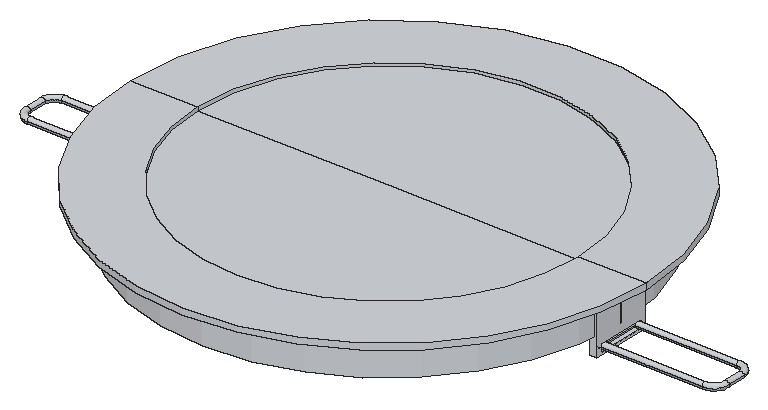
Revit family "0053941", category Lighting Fixtures, host Face, Revit 2017
Family settings
  Host = Face
  Round Connector Dimension = Use Diameter
  Part Type = Normal
  OmniClass Number = 23.80.70.00
  OmniClass Title = Lighting
  Cut with Voids When Loaded = No
  Light Source = Yes
  Shared = No
  Room Calculation Point = No
Parameters (values of type "0053941 ST E DOWNLIGHT FLT 155 IP44 1100 840 DIM")
  Weight = "3.27 kg"
  Wattage Comments = ""
  Wattage = 12 W
  WarrantyStartDate [instance] = "n/a"
  WarrantyGuarantorParts = "n/a"
  WarrantyDurationUnit = "n/a"
  WarrantyDurationParts = "n/a"
  WarrantyDescription = "n/a"
  built-in parameter 1150110 = 1 (stored number, unit not read)
  Voltage = 0 V
  URL = "http://www.sylvania-lighting.com"
  TypeName = "START eco Downlight Flat 155 IP44 1100lm 840 DIM"
  Type Image = <None>
  Type Comments = "n/a"
  built-in parameter 1114217 = 1 (stored number, unit not read)
  Tilt Angle = -90.00°
  built-in parameter 1150109 = 1 (stored number, unit not read)
  built-in parameter 1150134 = 12
  built-in parameter 1150113 = 1 (stored number, unit not read)
  SerialNumber [instance] = "n/a"
  SIZE_203_SYL = 0
  SIZE_155_SYL = 1
  R_DIFF_SYL = if(SIZE_155_SYL = 1, 63.5 mm, if(SIZE_203_SYL = 1, 86.5 mm, 40 mm))  # 63.5 mm
  R2_SYL = if(SIZE_155_SYL = 1, 77.5 mm, if(SIZE_203_SYL = 1, 101.5 mm, 52.5 mm))  # 77.5 mm
  R1_SYL = if(SIZE_155_SYL = 1, 86 mm, if(SIZE_203_SYL = 1, 113 mm, 60 mm))  # 86 mm
  Photometric Web File = "0053941.ies"
  LUM_HEIGHT_SYL = 15 mm - CHAMF_SYL  # 14 mm
  CLIP_SYL = 10 mm
  CLIP_HOLE_SYL = 2.5 mm
  CLIP_HOLE_HE_SYL = 8.5 mm
  CLIP_D_SYL = R2_SYL - 2.5 mm  # 75 mm
  CLIP_DIST_SYL = R2_SYL - 2.5 mm  # 75 mm
  CLIP_CUTOUT_SYL = 19 mm
  CHAMF_SYL = 1 mm
  Material_3_SYL = none
  PowerFactor = 0.9
  PowerConsumption = "12 W"
  NominalLength = 172 mm
  NominalHeight = 21 mm
  NominalDepth = 172 mm
  Name = "START eco Downlight Flat 155 IP44 1100lm 840 DIM"
  ModelReference = Name  # "START eco Downlight Flat 155 IP44 1100lm 840 DIM"
  ModelNumber = "0053941"
  Model = Name  # "START eco Downlight Flat 155 IP44 1100lm 840 DIM"
  Material = "aluminium housing, other diffuser"
  ManufacturerName = "Feilo Sylvania"
  Manufacturer = "Feilo Sylvania"
  LuminousEfficacy = "92 lm/W"
  built-in parameter 1150105 = 87.854 (stored number, unit not read)
  Lumens = 1104 lm
  LuminaireType = ""
  built-in parameter 1150115 = 1 (stored number, unit not read)
  LightOutputRatio = "n/a"
  built-in parameter 1150137 = (empty or 0)
  built-in parameter 1150139 = (empty or 0)
  LampsType = Lamp  # "LED"
  LampNominalLuminous = "1100 lm"
  LampMacAdamStep = "5"
  LampColourTemperature = "4000 K"
  LampColourRenderingIndex = "80"
  built-in parameter 1150112 = 1 (stored number, unit not read)
  built-in parameter 1150114 = 1 (stored number, unit not read)
  Lamp = "LED"
  Keynote = "16500"
  InstallationDate [instance] = "n/a"
  InputVoltage = "n/a"
  InputNominalFrequency = "n/a"
  built-in parameter 1150132 = (empty or 0)
  built-in parameter 1150102 = (empty or 0)
  built-in parameter 1150107 = 4000 (stored number, unit not read)
  built-in parameter 1150138 = (empty or 0)
  IngressProtection = "IP44/20"
  ImpactProtectionIndex = "IK06"
  built-in parameter 1150106 = 0.87854 (stored number, unit not read)
  IfcExportType = "IfcLightFixtureType"
  IfcExportAs = "IfcLightFixtureType"
  Emit from Circle Diameter = 609.6 mm
  Emit Shape Visible in Rendering = no
  ElectricShockClassification = "Class II"
  built-in parameter 1150104 = 8.5471 (stored number, unit not read)
  DocumentationLiterature = "http://www.sylvania-lighting.com/product/en-int/products/0053941"
  DimmingControlOptions = "n/a"
  Material_2_SYL = none
  Dimming Lamp Color Temperature Shift = <None>
  Description = "START eco Downlight Flat IP44 DIM is an integrated LED recessed downlight with separated phase dimmable driver; 12W; 1100Lm; 92Lm/W; 4000K; IP44 rated from the front; 30,000hrs (L70B50)."
  Default Elevation = 1219.2 mm
  CreatedOn = "8/6/2020"
  CreatedBy = "@sylvania-lighting.com"
  Cost = 0
  Color Filter = 16777215
  built-in parameter 1114216 [instance] = (empty or 0)
  ClassificationValue = "EF_70_80"
  ClassificationName = "Uniclass2015"
  Material_1_SYL = none
  CHAMF_2_SYL = 1 mm
  BarCode [instance] = "n/a"
  built-in parameter 1114218 = 1 (stored number, unit not read)
  built-in parameter 1150133 = 10 (stored number, unit not read)
  AssetType = "Fixed"
  AssetIdentifier [instance] = "n/a"
  Assembly Code = "D5020200"
  Apparent Load = 12 VA
  Material_4_SYL = none
Types (17, lengths in mm): name | Weight | Wattage | TypeName | built-in parameter 1150134 | SIZE_203_SYL | SIZE_155_SYL | R_DIFF_SYL | R2_SYL | R1_SYL | Photometric Web File | CLIP_D_SYL | CLIP_DIST_SYL | PowerFactor | PowerConsumption | NominalLength | NominalHeight | NominalDepth | Name | ModelReference | ModelNumber | Model | Material | LuminousEfficacy | built-in parameter 1150105 | Lumens | LampNominalLuminous | LampMacAdamStep | LampColourTemperature | built-in parameter 1150107 | built-in parameter 1150106 | built-in parameter 1150104 | DocumentationLiterature | Description | Apparent Load
  0053988 SYLFLAT 105 IP44 550LM 830 DIM | "3.555 kg" | 7 W | "Sylflat 105 IP44 550lm 830 DIM" | (empty or 0) | 0 | 1 | 63.5 | 77.5 | 86 | "0053988.ies" | 75 | 75 | 0 | "7 W" | 0 | 0 | 0 | "Sylflat 105 IP44 550lm 830 DIM" | "Sylflat 105 IP44 550lm 830 DIM" | "53988" | "Sylflat 105 IP44 550lm 830 DIM" | "n/a" | "78.57 lm/W" | 43.768 (stored number, unit not read) | 550 lm | "550 lm" | "3" | "3000 K" | 3000 (stored number, unit not read) | 0.43768 (stored number, unit not read) | 7.2995 (stored number, unit not read) | "http://www.sylvania-lighting.com/product/en-int/products/0053988" | "Sylflat DIM is an integrated LED recessed downlight with separated phase dimmable driver; 7W; 550Lm; 79Lm/W; 3000K; IP44 rated from the front; 50,000hrs (L70B50)." | 7 VA
  0053957 SYLFLAT 205 IP44 2250LM 840 DIM | "4.57 kg" | 24 W | "Sylflat 205 IP44 2250lm 840 DIM" | 12 | 1 | 0 | 86.5 | 101.5 | 113 | "0053957.ies" | 99 | 99 | 0.9 | "24 W" | 226 | 21 | 226 | "Sylflat 205 IP44 2250lm 840 DIM" | "Sylflat 205 IP44 2250lm 840 DIM" | "53957" | "Sylflat 205 IP44 2250lm 840 DIM" | "n/a" | "103 lm/W" | 196.72 (stored number, unit not read) | 2472 lm | "2250 lm" | "3" | "4000 K" | 4000 (stored number, unit not read) | 1.9672 (stored number, unit not read) | 9.569 (stored number, unit not read) | "http://www.sylvania-lighting.com/product/en-int/products/0053957" | "Sylflat DIM is an integrated LED recessed downlight with separated phase dimmable driver; 24W; 2250Lm; 103Lm/W; 4000K; IP44 rated from the front; 50,000hrs (L70B50)." | 24 VA
  0053956 SYLFLAT 205 IP44 2200LM 830 DIM | "4.57 kg" | 24 W | "Sylflat 205 IP44 2200lm 830 DIM" | (empty or 0) | 1 | 0 | 86.5 | 101.5 | 113 | "0053956.ies" | 99 | 99 | 0.9 | "24 W" | 226 | 21 | 226 | "Sylflat 205 IP44 2200lm 830 DIM" | "Sylflat 205 IP44 2200lm 830 DIM" | "53956" | "Sylflat 205 IP44 2200lm 830 DIM" | "n/a" | "100 lm/W" | 190.99 (stored number, unit not read) | 2400 lm | "2200 lm" | "3" | "3000 K" | 3000 (stored number, unit not read) | 1.9099 (stored number, unit not read) | 9.2903 (stored number, unit not read) | "http://www.sylvania-lighting.com/product/en-int/products/0053956" | "Sylflat DIM is an integrated LED recessed downlight with separated phase dimmable driver; 24W; 2200Lm; 100Lm/W; 3000K; IP44 rated from the front; 50,000hrs (L70B50)." | 24 VA
  0053955 SYLFLAT 205 IP44 1750LM 840 DIM | "4.57 kg" | 17 W | "Sylflat 205 IP44 1750lm 840 DIM" | 12 | 1 | 0 | 86.5 | 101.5 | 113 | "0053955.ies" | 99 | 99 | 0.9 | "17 W" | 226 | 21 | 226 | "Sylflat 205 IP44 1750lm 840 DIM" | "Sylflat 205 IP44 1750lm 840 DIM" | "53955" | "Sylflat 205 IP44 1750lm 840 DIM" | "aluminium housing, other diffuser" | "103 lm/W" | 139.34 (stored number, unit not read) | 1751 lm | "1750 lm" | "3" | "4000 K" | 4000 (stored number, unit not read) | 1.3934 (stored number, unit not read) | 9.569 (stored number, unit not read) | "http://www.sylvania-lighting.com/product/en-int/products/0053955" | "Sylflat DIM is an integrated LED recessed downlight with separated phase dimmable driver; 17W; 1750Lm; 103Lm/W; 4000K; IP44 rated from the front; 50,000hrs (L70B50)." | 17 VA
  0053954 SYLFLAT 205 IP44 1550LM 830 DIM | "4.57 kg" | 17 W | "Sylflat 205 IP44 1550lm 830 DIM" | (empty or 0) | 1 | 0 | 86.5 | 101.5 | 113 | "0053954.ies" | 99 | 99 | 0.9 | "17 W" | 226 | 21 | 226 | "Sylflat 205 IP44 1550lm 830 DIM" | "Sylflat 205 IP44 1550lm 830 DIM" | "53954" | "Sylflat 205 IP44 1550lm 830 DIM" | "aluminium housing, other diffuser" | "91 lm/W" | 123.11 (stored number, unit not read) | 1547 lm | "1550 lm" | "3" | "3000 K" | 3000 (stored number, unit not read) | 1.2311 (stored number, unit not read) | 8.4542 (stored number, unit not read) | "http://www.sylvania-lighting.com/product/en-int/products/0053954" | "Sylflat DIM is an integrated LED recessed downlight with separated phase dimmable driver; 17W; 1550Lm; 91Lm/W; 3000K; IP44 rated from the front; 50,000hrs (L70B50)." | 17 VA
  0053953 SYLFLAT 155 IP44 1100LM 840 DIM | "3.27 kg" | 12 W | "Sylflat 155 IP44 1100lm 840 DIM" | 12 | 0 | 1 | 63.5 | 77.5 | 86 | "0053953.ies" | 75 | 75 | 0.9 | "12 W" | 172 | 21 | 172 | "Sylflat 155 IP44 1100lm 840 DIM" | "Sylflat 155 IP44 1100lm 840 DIM" | "53953" | "Sylflat 155 IP44 1100lm 840 DIM" | "aluminium housing, other diffuser" | "92 lm/W" | 87.854 (stored number, unit not read) | 1104 lm | "1100 lm" | "3" | "4000 K" | 4000 (stored number, unit not read) | 0.87854 (stored number, unit not read) | 8.5471 (stored number, unit not read) | "http://www.sylvania-lighting.com/product/en-int/products/0053953" | "Sylflat DIM is an integrated LED recessed downlight with separated phase dimmable driver; 12W; 1100Lm; 92Lm/W; 4000K; IP44 rated from the front; 50,000hrs (L70B50)." | 12 VA
  0053952 SYLFLAT 155 IP44 1000LM 830 DIM | "3.27 kg" | 12 W | "Sylflat 155 IP44 1000lm 830 DIM" | (empty or 0) | 0 | 1 | 63.5 | 77.5 | 86 | "0053952.ies" | 75 | 75 | 0.9 | "12 W" | 172 | 21 | 172 | "Sylflat 155 IP44 1000lm 830 DIM" | "Sylflat 155 IP44 1000lm 830 DIM" | "53952" | "Sylflat 155 IP44 1000lm 830 DIM" | "aluminium housing, other diffuser" | "83 lm/W" | 79.259 (stored number, unit not read) | 996 lm | "1000 lm" | "3" | "3000 K" | 3000 (stored number, unit not read) | 0.79259 (stored number, unit not read) | 7.711 (stored number, unit not read) | "http://www.sylvania-lighting.com/product/en-int/products/0053952" | "Sylflat DIM is an integrated LED recessed downlight with separated phase dimmable driver; 12W; 1000Lm; 83Lm/W; 3000K; IP44 rated from the front; 50,000hrs (L70B50)." | 12 VA
  0053951 ST E DOWNLIGHT FLT 205 IP44 2200 865 DIM | "4.57 kg" | 24 W | "START eco Downlight Flat 205 IP44 2200lm 865 DIM" | 1 | 1 | 0 | 86.5 | 101.5 | 113 | "0053951.ies" | 99 | 99 | 0.9 | "24 W" | 226 | 21 | 226 | "START eco Downlight Flat 205 IP44 2200lm 865 DIM" | "START eco Downlight Flat 205 IP44 2200lm 865 DIM" | "53951" | "START eco Downlight Flat 205 IP44 2200lm 865 DIM" | "n/a" | "92 lm/W" | 175.71 (stored number, unit not read) | 2208 lm | "2200 lm" | "5" | "6500 K" | 6500 (stored number, unit not read) | 1.7571 (stored number, unit not read) | 8.5471 (stored number, unit not read) | "http://www.sylvania-lighting.com/product/en-int/products/0053951" | "START eco Downlight Flat IP44 DIM is an integrated LED recessed downlight with separated phase dimmable driver; 24W; 2200Lm; 92Lm/W; 6500K; IP44 rated from the front; 30,000hrs (L70B50)." | 24 VA
  0053950 ST E DOWNLIGHT FLT 205 IP44 1700 865 DIM | "4.57 kg" | 17 W | "START eco Downlight Flat 205 IP44 1700lm 865 DIM" | 1 | 1 | 0 | 86.5 | 101.5 | 113 | "0053950.ies" | 99 | 99 | 0.9 | "17 W" | 226 | 21 | 226 | "START eco Downlight Flat 205 IP44 1700lm 865 DIM" | "START eco Downlight Flat 205 IP44 1700lm 865 DIM" | "53950" | "START eco Downlight Flat 205 IP44 1700lm 865 DIM" | "aluminium housing, other diffuser" | "100 lm/W" | 135.28 (stored number, unit not read) | 1700 lm | "1700 lm" | "5" | "6500 K" | 6500 (stored number, unit not read) | 1.3528 (stored number, unit not read) | 9.2903 (stored number, unit not read) | "http://www.sylvania-lighting.com/product/en-int/products/0053950" | "START eco Downlight Flat IP44 DIM is an integrated LED recessed downlight with separated phase dimmable driver; 17W; 1700Lm; 100Lm/W; 6500K; IP44 rated from the front; 30,000hrs (L70B50)." | 17 VA
  0053949 ST E DOWNLIGHT FLT 155 IP44 1100 865 DIM | "3.27 kg" | 12 W | "START eco Downlight Flat 155 IP44 1100lm 865 DIM" | 1 | 0 | 1 | 63.5 | 77.5 | 86 | "0053949.ies" | 75 | 75 | 0.9 | "12 W" | 172 | 21 | 172 | "START eco Downlight Flat 155 IP44 1100lm 865 DIM" | "START eco Downlight Flat 155 IP44 1100lm 865 DIM" | "53949" | "START eco Downlight Flat 155 IP44 1100lm 865 DIM" | "aluminium housing, other diffuser" | "92 lm/W" | 87.854 (stored number, unit not read) | 1104 lm | "1100 lm" | "5" | "6500 K" | 6500 (stored number, unit not read) | 0.87854 (stored number, unit not read) | 8.5471 (stored number, unit not read) | "http://www.sylvania-lighting.com/product/en-int/products/0053949" | "START eco Downlight Flat IP44 DIM is an integrated LED recessed downlight with separated phase dimmable driver; 12W; 1100Lm; 92Lm/W; 6500K; IP44 rated from the front; 30,000hrs (L70B50)." | 12 VA
  0053944 ST E DOWNLIGHT FLT 205 IP44 2250 840 DIM | "4.57 kg" | 24 W | "START eco Downlight Flat 205 IP44 2250lm 840 DIM" | 12 | 1 | 0 | 86.5 | 101.5 | 113 | "0053944.ies" | 99 | 99 | 0.9 | "24 W" | 226 | 21 | 226 | "START eco Downlight Flat 205 IP44 2250lm 840 DIM" | "START eco Downlight Flat 205 IP44 2250lm 840 DIM" | "53944" | "START eco Downlight Flat 205 IP44 2250lm 840 DIM" | "n/a" | "94 lm/W" | 179.53 (stored number, unit not read) | 2256 lm | "2250 lm" | "5" | "4000 K" | 4000 (stored number, unit not read) | 1.7953 (stored number, unit not read) | 8.7329 (stored number, unit not read) | "http://www.sylvania-lighting.com/product/en-int/products/0053944" | "START eco Downlight Flat IP44 DIM is an integrated LED recessed downlight with separated phase dimmable driver; 24W; 2250Lm; 94Lm/W; 4000K; IP44 rated from the front; 30,000hrs (L70B50)." | 24 VA
  0053942 ST E DOWNLIGHT FLT 205 IP44 1750 840 DIM | "4.57 kg" | 17 W | "START eco Downlight Flat 205 IP44 1750lm 840 DIM" | 12 | 1 | 0 | 86.5 | 101.5 | 113 | "0053942.ies" | 99 | 99 | 0.9 | "17 W" | 226 | 21 | 226 | "START eco Downlight Flat 205 IP44 1750lm 840 DIM" | "START eco Downlight Flat 205 IP44 1750lm 840 DIM" | "53942" | "START eco Downlight Flat 205 IP44 1750lm 840 DIM" | "aluminium housing, other diffuser" | "103 lm/W" | 139.34 (stored number, unit not read) | 1751 lm | "1750 lm" | "5" | "4000 K" | 4000 (stored number, unit not read) | 1.3934 (stored number, unit not read) | 9.569 (stored number, unit not read) | "http://www.sylvania-lighting.com/product/en-int/products/0053942" | "START eco Downlight Flat IP44 DIM is an integrated LED recessed downlight with separated phase dimmable driver; 17W; 1750Lm; 103Lm/W; 4000K; IP44 rated from the front; 30,000hrs (L70B50)." | 17 VA
  0053941 ST E DOWNLIGHT FLT 155 IP44 1100 840 DIM | "3.27 kg" | 12 W | "START eco Downlight Flat 155 IP44 1100lm 840 DIM" | 12 | 0 | 1 | 63.5 | 77.5 | 86 | "0053941.ies" | 75 | 75 | 0.9 | "12 W" | 172 | 21 | 172 | "START eco Downlight Flat 155 IP44 1100lm 840 DIM" | "START eco Downlight Flat 155 IP44 1100lm 840 DIM" | "0053941" | "START eco Downlight Flat 155 IP44 1100lm 840 DIM" | "aluminium housing, other diffuser" | "92 lm/W" | 87.854 (stored number, unit not read) | 1104 lm | "1100 lm" | "5" | "4000 K" | 4000 (stored number, unit not read) | 0.87854 (stored number, unit not read) | 8.5471 (stored number, unit not read) | "http://www.sylvania-lighting.com/product/en-int/products/0053941" | "START eco Downlight Flat IP44 DIM is an integrated LED recessed downlight with separated phase dimmable driver; 12W; 1100Lm; 92Lm/W; 4000K; IP44 rated from the front; 30,000hrs (L70B50)." | 12 VA
  0053940 ST E DOWNLIGHT FLT 205 IP44 2200 830 DIM | "4.57 kg" | 24 W | "START eco Downlight Flat 205 IP44 2200lm 830 DIM" | (empty or 0) | 1 | 0 | 86.5 | 101.5 | 113 | "0053940.ies" | 99 | 99 | 0.9 | "24 W" | 226 | 21 | 226 | "START eco Downlight Flat 205 IP44 2200lm 830 DIM" | "START eco Downlight Flat 205 IP44 2200lm 830 DIM" | "53940" | "START eco Downlight Flat 205 IP44 2200lm 830 DIM" | "n/a" | "92 lm/W" | 175.71 (stored number, unit not read) | 2208 lm | "2200 lm" | "5" | "3000 K" | 3000 (stored number, unit not read) | 1.7571 (stored number, unit not read) | 8.5471 (stored number, unit not read) | "http://www.sylvania-lighting.com/product/en-int/products/0053940" | "START eco Downlight Flat IP44 DIM is an integrated LED recessed downlight with separated phase dimmable driver; 24W; 2200Lm; 92Lm/W; 3000K; IP44 rated from the front; 30,000hrs (L70B50)." | 24 VA
  0053938 ST E DOWNLIGHT FLT 205 IP44 1550 830 DIM | "4.57 kg" | 17 W | "START eco Downlight Flat 205 IP44 1550lm 830 DIM" | (empty or 0) | 1 | 0 | 86.5 | 101.5 | 113 | "0053938.ies" | 99 | 99 | 0.9 | "17 W" | 226 | 21 | 226 | "START eco Downlight Flat 205 IP44 1550lm 830 DIM" | "START eco Downlight Flat 205 IP44 1550lm 830 DIM" | "53938" | "START eco Downlight Flat 205 IP44 1550lm 830 DIM" | "aluminium housing, other diffuser" | "91 lm/W" | 123.11 (stored number, unit not read) | 1547 lm | "1550 lm" | "5" | "3000 K" | 3000 (stored number, unit not read) | 1.2311 (stored number, unit not read) | 8.4542 (stored number, unit not read) | "http://www.sylvania-lighting.com/product/en-int/products/0053938" | "START eco Downlight Flat IP44 DIM is an integrated LED recessed downlight with separated phase dimmable driver; 17W; 1550Lm; 91Lm/W; 3000K; IP44 rated from the front; 30,000hrs (L70B50)." | 17 VA
  0053937 ST E DOWNLIGHT FLT 155 IP44 1000 830 DIM | "3.27 kg" | 12 W | "START eco Downlight Flat 155 IP44 1000lm 830 DIM" | (empty or 0) | 0 | 1 | 63.5 | 77.5 | 86 | "0053937.ies" | 75 | 75 | 0.9 | "12 W" | 172 | 21 | 172 | "START eco Downlight Flat 155 IP44 1000lm 830 DIM" | "START eco Downlight Flat 155 IP44 1000lm 830 DIM" | "53937" | "START eco Downlight Flat 155 IP44 1000lm 830 DIM" | "aluminium housing, other diffuser" | "83 lm/W" | 79.259 (stored number, unit not read) | 996 lm | "1000 lm" | "5" | "3000 K" | 3000 (stored number, unit not read) | 0.79259 (stored number, unit not read) | 7.711 (stored number, unit not read) | "http://www.sylvania-lighting.com/product/en-int/products/0053937" | "START eco Downlight Flat IP44 DIM is an integrated LED recessed downlight with separated phase dimmable driver; 12W; 1000Lm; 83Lm/W; 3000K; IP44 rated from the front; 30,000hrs (L70B50)." | 12 VA
  0053989 SYLFLAT 105 IP44 600LM 840 DIM | "3.555 kg" | 7 W | "Sylflat 105 IP44 600lm 840 DIM" | 12 | 0 | 1 | 63.5 | 77.5 | 86 | "0053989.ies" | 75 | 75 | 0 | "7 W" | 0 | 0 | 0 | "Sylflat 105 IP44 600lm 840 DIM" | "Sylflat 105 IP44 600lm 840 DIM" | "53989" | "Sylflat 105 IP44 600lm 840 DIM" | "n/a" | "85.71 lm/W" | 47.746 (stored number, unit not read) | 600 lm | "600 lm" | "3" | "4000 K" | 4000 (stored number, unit not read) | 0.47746 (stored number, unit not read) | 7.9631 (stored number, unit not read) | "http://www.sylvania-lighting.com/product/en-int/products/0053989" | "Sylflat DIM is an integrated LED recessed downlight with separated phase dimmable driver; 7W; 600Lm; 86Lm/W; 4000K; IP44 rated from the front; 50,000hrs (L70B50)." | 7 VA
Reference planes
  plane 1 "Center (Front/Back)": y = 0
  plane 2: z = 0
  plane 3 "Center (Left/Right)": x = 0
  plane 4: z = 1
  plane 5: z = -1
  plane 6: z = -14
  plane 7: x = 86
  plane 8: x = 63.5
  plane 9: x = 77.5
  plane 10: x = 0
  plane 11: x = -96
  plane 12: x = -77.5
  plane 13: y = 10
  plane 14: y = -10
  plane 15: x = 75
  plane 16: z = -19
  plane 17: z = -16.5
  plane 18: y = -8.5
  plane 19: y = 8.5
  plane 20: x = -75
Forms (mm)
  Revolve 1, solid
    sketch origin (0, 0, 0) x (1, 0, 0) y (0, 0, 1)
      loop
        line (0, 0) -> (0, -14) -> (77.5, -14) -> (77.5, -1) -> (86, -1) -> (86, 1) -> (63.5, 1) -> (63.5, 0) -> (0, 0)
      axis (0, 1) -> (0, -14)
    angle from 360 to 0
  Extrusion 2, solid
    sketch origin (0, 0, 0) x (1, 0, 0) y (0, 1, 0)
      loop
        line (75, 10) -> (75, -10) -> (77.5, -10) -> (77.5, 10) -> (75, 10)
      loop
        line (-75, 10) -> (-77.5, 10) -> (-77.5, -10) -> (-75, -10) -> (-75, 10)
    from -20 to -1
  Extrusion 3, void
    sketch origin (319, 1524, 1219.2) x (0, 1, 0) y (0, 0, 1)
      loop
        line (-1515.5, -1238.2) -> (-1515.5, -1235.7) -> (-1532.5, -1235.7) -> (-1532.5, -1238.2) -> (-1515.5, -1238.2)
    from -440.059 to 10
  Sweep 4, solid
    path origin (-31.995, -2.046, -2.165) x (1, 0, 0) y (0, 1, 0)
      loop
        arc (-82, 9.306) -> (-84.828, 8.135) -> (-86, 5.306) r 4
        line (-86, 5.306) -> (-86, -0.922)
        arc (-86, -0.922) -> (-84.828, -3.75) -> (-82, -4.922) r 4
        line (-82, -4.922) -> (-44, -4.922) -> (-44, 9.306) -> (-82, 9.306)
    profile origin (-94.995, 7.26, -2.165) x (0, 1, 0) y (0, 0, 1)
      loop
        circle (0, -15.572) r 0.967
  Sweep 5, solid
    path origin (31.995, -2.046, -2.165) x (-1, 0, 0) y (0, -1, 0)
      loop
        line (-79, -9.306) -> (-44, -9.306) -> (-44, 4.922) -> (-79, 4.922)
        arc (-79, 4.922) -> (-81.828, 3.75) -> (-83, 0.922) r 4
        line (-83, 0.922) -> (-83, -5.306)
        arc (-83, -5.306) -> (-81.828, -8.135) -> (-79, -9.306) r 4
    profile origin (93.495, 7.26, -2.165) x (0, -1, 0) y (0, 0, 1)
      loop
        circle (0, -15.572) r 0.967
Cuts and joins
  Extrusion 3 cuts Extrusion 2
Dimensions and locks
  "LUM_HEIGHT_SYL": host face to plane 6
  "CHAMF_2_SYL": host face to plane 5
  "CHAMF_SYL": plane 4 to host face
  "R_DIFF_SYL": plane 8 to plane 3 "Center (Left/Right)"
  "R2_SYL": plane 3 "Center (Left/Right)" to plane 9
  "R1_SYL": plane 7 to plane 3 "Center (Left/Right)"
  "CLIP_SYL": plane 14 to plane 1 "Center (Front/Back)" to plane 13
  "CLIP_D_SYL": plane 10 to plane 15
  "R2_SYL": plane 10 to plane 9
  "CLIP_CUTOUT_SYL": host face to plane 16
  "CLIP_HOLE_SYL": plane 17 to plane 16
  "CLIP_HOLE_HE_SYL": plane 19 to plane 1 "Center (Front/Back)" to plane 18
  "R2_SYL": plane 12 to plane 10
  "CLIP_D_SYL": plane 20 to plane 3 "Center (Left/Right)"
  aligned and locked: plane 2 to host face
  aligned and locked: level to host face
  aligned and locked: Revolve 1 sketch curve to plane 3 "Center (Left/Right)"
  aligned and locked: plane 13 to Extrusion 2 sketch curve
  aligned and locked: Extrusion 2 sketch curve to plane 15
  aligned and locked: Extrusion 2 sketch curve to plane 14
  aligned and locked: plane 9 to Extrusion 2 sketch curve
  aligned and locked: Extrusion 3 sketch curve to plane 16
  aligned and locked: plane 19 to Extrusion 3 sketch curve
  aligned and locked: Extrusion 3 sketch curve to plane 17
  aligned and locked: Extrusion 3 sketch curve to plane 18
  aligned and locked: Extrusion 2 sketch curve to plane 13
  aligned and locked: Extrusion 2 sketch curve to plane 20
  aligned and locked: plane 14 to Extrusion 2 sketch curve
  aligned and locked: plane 12 to Extrusion 2 sketch curve
Automatic sketch dimensions
  host sketch curve to host sketch curve = 2438.4 mm  (x2)
  Revolve 1 sketch curve to level = 0 mm
  Revolve 1 sketch curve to plane 3 "Center (Left/Right)" = 0 mm
  plane 8 to Revolve 1 sketch curve = 0 mm
  Revolve 1 sketch curve to plane 6 = 0 mm
  plane 9 to Revolve 1 sketch curve = 0 mm
  Revolve 1 sketch curve to plane 5 = 0 mm
  plane 7 to Revolve 1 sketch curve = 0 mm
  Revolve 1 sketch curve to plane 4 = 0 mm
  Revolve 1 sketch curve to plane 16 = 584.6 mm
  Revolve 1 sketch curve to plane 4 = 2608.058 mm
  plane 1 "Center (Front/Back)" to Sweep 4 sketch curve = 2.968 mm
  plane 12 to Sweep 4 sketch curve = 40.495 mm
  Sweep 4 sketch curve to plane 18 = 1.532 mm
  Sweep 4 sketch curve to Sweep 4 sketch curve = 4 mm
  plane 20 to Sweep 4 sketch curve = 0.995 mm
  Sweep 4 sketch curve to plane 1 "Center (Front/Back)" = 3.26 mm
  Sweep 4 sketch curve to profile plane = 0 mm
  Sweep 4 sketch curve to profile plane = 15.572 mm
  plane 1 "Center (Front/Back)" to Sweep 5 sketch curve = 2.968 mm
  Sweep 5 sketch curve to plane 7 = 28.995 mm
  Sweep 5 sketch curve to plane 18 = 1.532 mm
  Sweep 5 sketch curve to Sweep 5 sketch curve = 4 mm
  Sweep 5 sketch curve to plane 15 = 0.995 mm
  Sweep 5 sketch curve to plane 1 "Center (Front/Back)" = 3.26 mm
  Sweep 5 sketch curve to profile plane = 0 mm
  Sweep 5 sketch curve to profile plane = 15.572 mm
  radius of Sweep 4 sketch curve = 0.967 mm
  radius of Sweep 5 sketch curve = 0.967 mm
